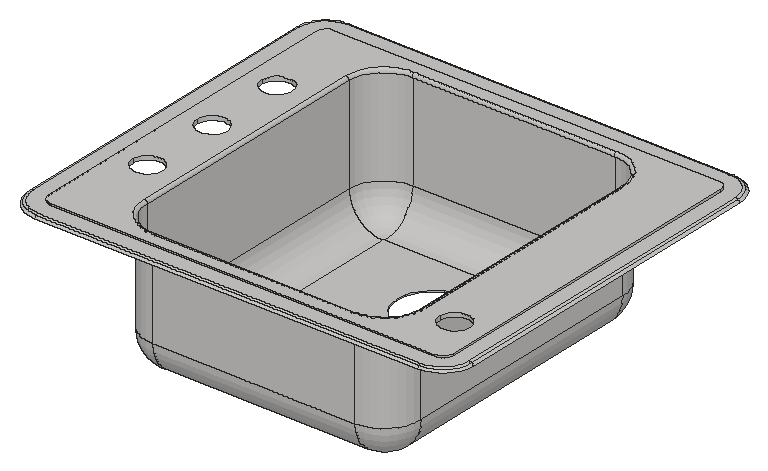
Revit family "Sink-Topmount-Acorn-CDADA-2220-45,55,65_Series", category Plumbing Fixtures, host Face, Revit 2019
Family settings
  Host = Face
  Round Connector Dimension = Use Diameter
  Part Type = Normal
  OmniClass Number = 23.45.05.14.14
  OmniClass Title = Sinks/Lavatories
  Cut with Voids When Loaded = No
  Shared = Yes
  Room Calculation Point = No
Parameters (values of type "CDADA-2220-65-4DR")
  Width = 22"  # constant formula
  Waste Connection = no
  WFU = 4  # constant formula
  Vent Connection = no
  URL = "https://www.acorneng.com/home"
  Type Comments = ""
  Slotted Hole Right Depth = 2"
  Slotted Hole Left Depth = 1"
  Revised Date = "11/21/2024"  # constant formula
  Bottom Faucet Hole Distance = 4"
  Right Bottom Faucet Hole Depth = 1"
  Product Page URL = "https://www.acorneng.com/acorn-sinks-ada-classroom-drop-in-cdada-2220"
  Product Documentation Link = "https://www.acorneng.com/uploads/fileLibrary/CDADA-2220_pkt.pdf"
  Model = "CDADA-2220-65-4DR"
  Material = "Stainless Steel-Acorn-Satin"  # constant formula
  Manufacturer = "Acorn"
  Length = 19 1/2"  # constant formula
  Top Faucet Hole Distance = 4"
  Right Top Faucet Hole Depth = 1"
  Left Top Faucet Hole Depth = 2"
  Left Central Faucet Hole Depth = 2"
  Left Bottom Faucet Hole Depth = 2"
  Installation Type = "Wall Mounted"
  Height = 6 1/2"
  HWFU = 3  # constant formula
  HW Connection = no
  Finish = Stainless Steel-Acorn-Satin
  Drain Opening Size = 3 1/2"  # constant formula
  Description = "Stainless Steel Drop In Sink"
  Default Elevation = 34"
  Creation Date = "23/12/2023"  # constant formula
  Compliance Certifications = "ASME A112.19.3/CSA B45.4, IAPMO® Certified"
  Right Central Faucet Hole Depth = 1"
  CWFU = 3  # constant formula
  CW Connection = no
  Bowl Width = 13 1/2"  # constant formula
  Bowl Length = 16"  # constant formula
  Assembly Code = "D2010440"
  ADA Compliant = yes
  -4DR 3 Holes on 4 Centers w/ Slotted Hole Right = yes
  -4DL 3 Holes on 4 Centers w/ Slotted Hole Left = no
  -2DR Single Hole Centered w/ Slotted Hole Right = no
  -2DL Single Hole Centered w/ Slotted Hole Left = no
  -1 Single Hole Centered = no
  -0 Blank, No Deck Punching = no
Types (19): name | Slotted Hole Right Depth | Slotted Hole Left Depth | Right Bottom Faucet Hole Depth | Model | Right Top Faucet Hole Depth | Left Top Faucet Hole Depth | Left Central Faucet Hole Depth | Left Bottom Faucet Hole Depth | Height | Right Central Faucet Hole Depth | -4DR 3 Holes on 4 Centers w/ Slotted Hole Right | -4DL 3 Holes on 4 Centers w/ Slotted Hole Left | -2DR Single Hole Centered w/ Slotted Hole Right | -2DL Single Hole Centered w/ Slotted Hole Left | -1 Single Hole Centered | -0 Blank, No Deck Punching
  (no name) | 2" | 1" | 1" | "CDADA-2220-65-4DR" | 1" | 2" | 2" | 2" | 6 1/2" | 1" | yes | no | no | no | no | no
  CDADA-2220-55-0 | 1" | 1" | 1" | "CDADA-2220-55-0" | 1" | 1" | 1" | 1" | 5 1/2" | 1" | no | no | no | no | no | yes
  CDADA-2220-55-1 | 1" | 1" | 1" | "CDADA-2220-55-1" | 1" | 1" | 2" | 1" | 5 1/2" | 1" | no | no | no | no | yes | no
  CDADA-2220-55-2DL | 1" | 2" | 1" | "CDADA-2220-55-2DL" | 1" | 1" | 1" | 1" | 5 1/2" | 2" | no | no | no | yes | no | no
  CDADA-2220-55-2DR | 2" | 1" | 1" | "CDADA-2220-55-2DR" | 1" | 1" | 2" | 1" | 5 1/2" | 1" | no | no | yes | no | no | no
  CDADA-2220-55-4DL | 1" | 2" | 2" | "CDADA-2220-55-4DL" | 2" | 1" | 1" | 1" | 5 1/2" | 2" | no | yes | no | no | no | no
  CDADA-2220-55-4DR | 2" | 1" | 1" | "CDADA-2220-55-4DR" | 1" | 2" | 2" | 2" | 5 1/2" | 1" | yes | no | no | no | no | no
  CDADA-2220-45-0 | 1" | 1" | 1" | "CDADA-2220-45-0" | 1" | 1" | 1" | 1" | 4 1/2" | 1" | no | no | no | no | no | yes
  CDADA-2220-45-1 | 1" | 1" | 1" | "CDADA-2220-45-1" | 1" | 1" | 2" | 1" | 4 1/2" | 1" | no | no | no | no | yes | no
  CDADA-2220-45-2DL | 1" | 2" | 1" | "CDADA-2220-45-2DL" | 1" | 1" | 1" | 1" | 4 1/2" | 2" | no | no | no | yes | no | no
  CDADA-2220-45-2DR | 2" | 1" | 1" | "CDADA-2220-45-2DR" | 1" | 1" | 2" | 1" | 4 1/2" | 1" | no | no | yes | no | no | no
  CDADA-2220-45-4DL | 1" | 2" | 2" | "CDADA-2220-45-4DL" | 2" | 1" | 1" | 1" | 4 1/2" | 2" | no | yes | no | no | no | no
  CDADA-2220-45-4DR | 2" | 1" | 1" | "CDADA-2220-45-4DR" | 1" | 2" | 2" | 2" | 4 1/2" | 1" | yes | no | no | no | no | no
  CDADA-2220-65-0 | 1" | 1" | 1" | "CDADA-2220-65-0" | 1" | 1" | 1" | 1" | 6 1/2" | 1" | no | no | no | no | no | yes
  CDADA-2220-65-1 | 1" | 1" | 1" | "CDADA-2220-65-1" | 1" | 1" | 2" | 1" | 6 1/2" | 1" | no | no | no | no | yes | no
  CDADA-2220-65-2DL | 1" | 2" | 1" | "CDADA-2220-65-2DL" | 1" | 1" | 1" | 1" | 6 1/2" | 2" | no | no | no | yes | no | no
  CDADA-2220-65-2DR | 2" | 1" | 1" | "CDADA-2220-65-2DR" | 1" | 1" | 2" | 1" | 6 1/2" | 1" | no | no | yes | no | no | no
  CDADA-2220-65-4DL | 1" | 2" | 2" | "CDADA-2220-65-4DL" | 2" | 1" | 1" | 1" | 6 1/2" | 2" | no | yes | no | no | no | no
  CDADA-2220-65-4DR | 2" | 1" | 1" | "CDADA-2220-65-4DR" | 1" | 2" | 2" | 2" | 6 1/2" | 1" | yes | no | no | no | no | no
Reference planes (in)
  plane 1 "Center (Front/Back)": y = 0
  plane 2: z = 0
  plane 3 "Center (Left/Right)": x = 0
  plane 4: z = -6.5
  plane 5: z = 2
  plane 6: z = 1
  plane 7: z = 1
  plane 8: z = 1
  plane 9: x = -11
  plane 10: x = 11
  plane 11: y = -19.5
  plane 12: y = -9.75
  plane 13: x = -6.75
  plane 14: x = 6.75
  plane 15: x = 8.5
  plane 16: y = -5.75
  plane 17: y = -13.75
  plane 18: y = -17.75
  plane 19: y = -1.75
  plane 20: x = -8.5
  plane 21: y = -16
  plane 22: z = 1
  plane 23: z = 1
  plane 24: z = 1
  plane 25: z = 0
  plane 26: z = 0
  plane 27: z = 0
  plane 28: z = 1
  plane 29: z = 0
  plane 30: y = -6.75008
  plane 31: z = -6.4375
Forms (in)
  Extrusion 1, solid, material "Stainless Steel-Acorn-Satin" <- "Finish"
    sketch origin (-18.57594, 1.04906, -0.59717) x (1, 0, 0) y (0, 1, 0)
      loop
        circle (18.57594, -7.79914) r 1.75
      loop
        arc (23.63836, -4.54906) -> (23.62008, -4.50492) -> (23.57594, -4.48664) r 0.06242
        line (23.57594, -4.48664) -> (13.57594, -4.48664)
        arc (13.57594, -4.48664) -> (13.53181, -4.50492) -> (13.51353, -4.54906) r 0.06242
        line (13.51353, -4.54906) -> (13.51353, -17.02449)
        arc (13.51353, -17.02449) -> (13.53181, -17.06862) -> (13.57594, -17.08691) r 0.06242
        line (13.57594, -17.08691) -> (23.57594, -17.08691)
        arc (23.57594, -17.08691) -> (23.62008, -17.06862) -> (23.63836, -17.02449) r 0.06242
        line (23.63836, -17.02449) -> (23.63836, -4.54906)
    from -5.90283 to -5.84033
  Sweep 2, solid, material "Stainless Steel-Acorn-Satin" <- "Finish"
    path origin (0, 0.25, 0) x (1, 0, 0) y (0, 1, 0)
      loop
        line (-6.75, -3.75) -> (-6.75, -16.22543)
        arc (-6.75, -16.22543) -> (-6.23744, -17.46287) -> (-5, -17.97543) r 1.75
        line (-5, -17.97543) -> (5, -17.97543)
        arc (5, -17.97543) -> (6.23744, -17.46287) -> (6.75, -16.22543) r 1.75
        line (6.75, -16.22543) -> (6.75, -3.75)
        arc (6.75, -3.75) -> (6.23744, -2.51256) -> (5, -2) r 1.75
        line (5, -2) -> (-5, -2)
        arc (-5, -2) -> (-6.23744, -2.51256) -> (-6.75, -3.75) r 1.75
    profile origin (-6.75, -9.73772, 0) x (1, 0, 0) y (0, 0, 1)
      loop
        line (-0.15271, 0.19073) -> (-0.21339, 0.19073) -> (-0.21339, 0.09375) -> (-0.11121, 0.09375)
        arc (-0.11121, 0.09375) -> (-0.07671, 0.07946) -> (-0.06242, 0.04495) r 0.0488
        line (-0.06242, 0.04495) -> (-0.06242, -4.75)
        arc (-0.06242, -4.75) -> (0.45015, -5.98744) -> (1.68758, -6.5) r 1.75
        line (1.68758, -6.5) -> (1.68758, -6.4375)
        arc (1.68758, -6.4375) -> (0.49434, -5.94324) -> (0.00008, -4.75) r 1.6875
        line (0.00008, -4.75) -> (0.00008, 0.03794)
        arc (0.00008, 0.03794) -> (-0.04467, 0.14598) -> (-0.15271, 0.19073) r 0.15279
  Extrusion 3, solid, material "Stainless Steel-Acorn-Satin" <- "Finish"
    sketch origin (0, 0.25, 0) x (1, 0, 0) y (0, 1, 0)
      loop
        arc (-9.5, -1.21613) -> (-9.86013, -1.3653) -> (-10.0093, -1.72543) r 0.5093
        line (-10.0093, -1.72543) -> (-10.0093, -18.22543)
        arc (-10.0093, -18.22543) -> (-9.86013, -18.58556) -> (-9.5, -18.73473) r 0.5093
        line (-9.5, -18.73473) -> (9.5, -18.73473)
        arc (9.5, -18.73473) -> (9.86013, -18.58556) -> (10.0093, -18.22543) r 0.5093
        line (10.0093, -18.22543) -> (10.0093, -1.72543)
        arc (10.0093, -1.72543) -> (9.86013, -1.3653) -> (9.5, -1.21613) r 0.5093
        line (9.5, -1.21613) -> (-9.5, -1.21613)
      loop
        arc (-5, -1.78661) -> (-6.38833, -2.36167) -> (-6.96339, -3.75) r 1.96339
        line (-6.96339, -3.75) -> (-6.96339, -16.22543)
        arc (-6.96339, -16.22543) -> (-6.38833, -17.61376) -> (-5, -18.18882) r 1.96339
        line (-5, -18.18882) -> (5, -18.18882)
        arc (5, -18.18882) -> (6.38833, -17.61376) -> (6.96339, -16.22543) r 1.96339
        line (6.96339, -16.22543) -> (6.96339, -3.75)
        arc (6.96339, -3.75) -> (6.38833, -2.36167) -> (5, -1.78661) r 1.96339
        line (5, -1.78661) -> (-5, -1.78661)
    from 0 to 0.19111
  Extrusion 4, void
    sketch origin (0, 0, 0) x (1, 0, 0) y (0, 1, 0)
      loop
        line (-11, -1.5) -> (-11, -17.97543)
        arc (-11, -17.97543) -> (-10.55346, -19.05346) -> (-9.47543, -19.5) r 1.52457
        line (-9.47543, -19.5) -> (9.47543, -19.5)
        arc (9.47543, -19.5) -> (10.55346, -19.05346) -> (11, -17.97543) r 1.52457
        line (11, -17.97543) -> (11, -1.47543)
        arc (11, -1.47543) -> (10.56786, -0.43214) -> (9.52457, 0) r 1.47543
        line (9.52457, 0) -> (-9.5, 0)
        arc (-9.5, 0) -> (-10.56066, -0.43934) -> (-11, -1.5) r 1.5
    from -21.11575 to 12
  Sweep 5, solid, material "Stainless Steel-Acorn-Satin" <- "Finish"
    path origin (0, 0, 0) x (1, 0, 0) y (0, 1, 0)
      loop
        arc (-9.52457, 0) -> (-10.56786, -0.43214) -> (-11, -1.47543) r 1.47543
        line (-11, -1.47543) -> (-11, -17.97543)
        arc (-11, -17.97543) -> (-10.55346, -19.05346) -> (-9.47543, -19.5) r 1.52457
        line (-9.47543, -19.5) -> (9.47543, -19.5)
        arc (9.47543, -19.5) -> (10.55346, -19.05346) -> (11, -17.97543) r 1.52457
        line (11, -17.97543) -> (11, -1.5)
        arc (11, -1.5) -> (10.56066, -0.43934) -> (9.5, 0) r 1.5
        line (9.5, 0) -> (-9.52457, 0)
    profile origin (-0.01228, 0, 0) x (0, 1, 0) y (0, 0, 1)
      loop
        line (0.00343, 0) -> (-0.1037, 0.08676)
        arc (-0.1037, 0.08676) -> (-0.15899, 0.11772) -> (-0.22144, 0.12845) r 0.18708
        line (-0.22144, 0.12845) -> (-0.9907, 0.12845) -> (-0.9907, 0) -> (0.00343, 0)
  Extrusion 6, void
    sketch origin (0, 0, 0) x (1, 0, 0) y (0, 1, 0)
      loop
        circle (-8.5, -16) r 0.75
    from 1 to 2
  Extrusion 7, void
    sketch origin (0, 0, 0) x (1, 0, 0) y (0, 1, 0)
      loop
        circle (8.5, -5.75) r 0.75
    from 1 to 2
  Extrusion 8, void
    sketch origin (0, -2, 0) x (1, 0, 0) y (0, 1, 0)
      loop
        circle (8.5, -7.75) r 0.75
    from 1 to 2
  Extrusion 9, void
    sketch origin (0, -4, 0) x (1, 0, 0) y (0, 1, 0)
      loop
        circle (8.5, -9.75) r 0.75
    from 1 to 2
  Extrusion 10, void
    sketch origin (-17, 0, 0) x (1, 0, 0) y (0, 1, 0)
      loop
        circle (8.5, -5.75) r 0.75
    from 0 to 2
  Extrusion 11, void
    sketch origin (-17, -2, 0) x (1, 0, 0) y (0, 1, 0)
      loop
        circle (8.5, -7.75) r 0.75
    from 0 to 2
  Extrusion 12, void
    sketch origin (-17, -4, 0) x (1, 0, 0) y (0, 1, 0)
      loop
        circle (8.5, -9.75) r 0.75
    from 0 to 2
  Extrusion 13, void
    sketch origin (0, 0, 0) x (-1, 0, 0) y (0, -1, 0)
      loop
        circle (-8.5, 16) r 0.75
    from 0 to 2
Cuts and joins
  Extrusion 6 cuts Sweep 5
  Extrusion 6, Extrusion 7, Extrusion 10, Extrusion 11, Extrusion 12, Extrusion 13 cuts Extrusion 1
  Extrusion 6, Extrusion 7, Extrusion 8, Extrusion 10, Extrusion 11, Extrusion 12, Extrusion 13 cuts Sweep 2
  Extrusion 6, Extrusion 7, Extrusion 8, Extrusion 9, Extrusion 10, Extrusion 11, Extrusion 12, Extrusion 13 cuts Extrusion 3
  joined: Extrusion 1, Sweep 2, Extrusion 3
Dimensions and locks (in)
  host face to plane 4 = 6 1/2"
  "Right Top Faucet Hole Depth": plane 5 to plane 6
  "Right Bottom Faucet Hole Depth": plane 5 to plane 8
  "Right Central Faucet Hole Depth": plane 5 to plane 7
  "Length": plane 11 to plane 1 "Center (Front/Back)"
  "Width": plane 9 to plane 10
  plane 13 to plane 3 "Center (Left/Right)" = 6 3/4"
  "Bowl Width": plane 13 to plane 14
  plane 14 to plane 15 = 1 3/4"
  "Top Faucet Hole Distance": plane 16 to plane 12
  "Bottom Faucet Hole Distance": plane 12 to plane 17
  locked: plane 18 to plane 11 at 1.75
  "Bowl Length": plane 19 to plane 18
  plane 20 to plane 13 = 1 3/4"  (x2)
  plane 21 to plane 18 = 1 3/4"
  plane 9 to plane 13 = 4 1/4"
  "Right Top Faucet Hole Depth": plane 5 to plane 22
  "Right Central Faucet Hole Depth": plane 5 to plane 23
  "Right Bottom Faucet Hole Depth": plane 5 to plane 24
  "Left Top Faucet Hole Depth": plane 5 to plane 25
  "Left Central Faucet Hole Depth": plane 5 to plane 26
  "Left Bottom Faucet Hole Depth": plane 5 to plane 27
  "Slotted Hole Right Depth": plane 5 to plane 29
  "Slotted Hole Left Depth": plane 5 to plane 28
  plane 19 to plane 30 = 5.00008"
  plane 30 to plane 12 = 2.99992"
  "Height": level to Sweep 2 sketch curve
  locked: Sweep 2 sketch curve to Sweep 2 sketch curve at 0.0625
  "Height": level to plane 4
  locked: plane 31 to plane 4 at 0.0625
  aligned and locked: host face to plane 2
  aligned and locked: host face to level
  aligned and locked: plane 20 to Extrusion 6 sketch curve
  aligned and locked: plane 21 to Extrusion 6 sketch curve
  aligned and locked: Sweep 2 sketch curve to plane 19
  aligned and locked: plane 15 to Extrusion 7 sketch curve
  aligned and locked: plane 16 to Extrusion 7 sketch curve
  aligned and locked: plane 5 to Extrusion 7
  aligned and locked: Extrusion 7 to plane 22
  aligned and locked: plane 12 to Extrusion 8 sketch curve
  aligned and locked: plane 15 to Extrusion 8 sketch curve
  aligned and locked: plane 17 to Extrusion 9 sketch curve
  aligned and locked: plane 15 to Extrusion 9 sketch curve
  aligned and locked: plane 23 to Extrusion 8
  aligned and locked: Extrusion 9 to plane 24
  aligned and locked: plane 5 to Extrusion 9
  aligned and locked: plane 5 to Extrusion 8
  aligned and locked: plane 15 to Extrusion 13 sketch curve
  aligned and locked: plane 21 to Extrusion 13 sketch curve
  aligned and locked: plane 5 to Extrusion 10
  aligned and locked: plane 5 to Extrusion 11
  aligned and locked: plane 5 to Extrusion 12
  aligned and locked: plane 5 to Extrusion 13
  aligned and locked: plane 5 to Extrusion 6
  aligned and locked: Extrusion 10 to plane 25
  aligned and locked: Extrusion 11 to plane 26
  aligned and locked: Extrusion 12 to plane 27
  aligned and locked: Extrusion 6 to plane 28
  aligned and locked: Extrusion 13 to plane 29
  aligned and locked: plane 16 to Extrusion 10 sketch curve
  aligned and locked: plane 20 to Extrusion 10 sketch curve
  aligned and locked: plane 12 to Extrusion 11 sketch curve
  aligned and locked: plane 20 to Extrusion 11 sketch curve
  aligned and locked: plane 17 to Extrusion 12 sketch curve
  aligned and locked: plane 20 to Extrusion 12 sketch curve
  aligned and locked: plane 30 to Extrusion 1 sketch curve
  aligned and locked: cut or joined group 1 (Extrusion 1, Sweep 2, Extrusion 3, Extrusion 6, Extrusion 7, Extrusion 8, Extrusion 9, Extrusion 10, Extrusion 11, Extrusion 12, Extrusion 13) to plane 31
  aligned and locked: cut or joined group 1 to plane 4
Automatic sketch dimensions
  host sketch curve to host sketch curve = 161.60125"
  host sketch curve to host sketch curve = 96"
  Extrusion 1 sketch curve to plane 3 "Center (Left/Right)" = 0"
  plane 13 to Extrusion 1 sketch curve = 1 3/4"  (x2)
  plane 21 to Extrusion 1 sketch curve = 0.02457"  (x2)
  Extrusion 1 sketch curve to Extrusion 1 sketch curve = 0.06242"
  plane 14 to Extrusion 1 sketch curve = 1 3/4"  (x2)
  Extrusion 1 sketch curve to plane 19 = 1 3/4"
  Sweep 2 sketch curve to plane 13 = 0"
  Sweep 2 sketch curve to plane 14 = 0"
  plane 21 to Sweep 2 sketch curve = 0.02457"
  Sweep 2 sketch curve to Sweep 2 sketch curve = 1 3/4"
  plane 13 to Sweep 2 sketch curve = 1 3/4"
  plane 14 to Sweep 2 sketch curve = 1 3/4"  (x2)
  Sweep 2 sketch curve to Sweep 2 sketch curve = 0"
  profile plane to Sweep 2 sketch curve = 0.21339"
  Sweep 2 sketch curve to Sweep 2 sketch curve = 0.06068"
  Sweep 2 sketch curve to Sweep 2 sketch curve = 0.0415"
  Sweep 2 sketch curve to profile plane = 0.00008"
  Sweep 2 sketch curve to Sweep 2 sketch curve = 1 11/16"
  profile plane to Sweep 2 sketch curve = 0.03794"
  Sweep 2 sketch curve to Sweep 2 sketch curve = 0.00701"
  plane 19 to Extrusion 3 sketch curve = 0.27457"  (x2)
  plane 9 to Extrusion 3 sketch curve = 0.9907"
  Extrusion 3 sketch curve to Extrusion 3 sketch curve = 0.5093"  (x2)
  Extrusion 3 sketch curve to plane 18 = 0.22543"  (x2)
  Extrusion 3 sketch curve to plane 13 = 0.21339"
  plane 21 to Extrusion 3 sketch curve = 0.02457"  (x2)
  plane 13 to Extrusion 3 sketch curve = 1 3/4"  (x2)
  plane 19 to Extrusion 3 sketch curve = 0.21339"
  plane 14 to Extrusion 3 sketch curve = 1 3/4"  (x2)
  plane 15 to Extrusion 3 sketch curve = 1"
  Extrusion 4 sketch curve to plane 9 = 0"
  plane 1 "Center (Front/Back)" to Extrusion 4 sketch curve = 0"
  Extrusion 4 sketch curve to plane 11 = 0"
  Extrusion 4 sketch curve to plane 10 = 0"
  plane 20 to Extrusion 4 sketch curve = 1"
  Extrusion 4 sketch curve to plane 18 = 0.22543"
  plane 15 to Extrusion 4 sketch curve = 0.97543"
  plane 19 to Extrusion 4 sketch curve = 0.27457"
  Sweep 5 sketch curve to plane 9 = 0"
  plane 1 "Center (Front/Back)" to Sweep 5 sketch curve = 0"
  Sweep 5 sketch curve to plane 11 = 0"
  Sweep 5 sketch curve to plane 10 = 0"
  plane 19 to Sweep 5 sketch curve = 0.27457"
  plane 20 to Sweep 5 sketch curve = 0.97543"
  Sweep 5 sketch curve to plane 18 = 0.22543"
  plane 19 to Sweep 5 sketch curve = 1/4"
  Sweep 5 sketch curve to level = 0"
  profile plane to Sweep 5 sketch curve = 0.9907"
  level to Sweep 5 sketch curve = 0.12845"
  profile plane to Sweep 5 sketch curve = 0.22144"
  level to Sweep 5 sketch curve = 0.08676"
  profile plane to Sweep 5 sketch curve = 0.1037"
  Sweep 5 sketch curve to profile plane = 0.00343"
  radius of Extrusion 1 sketch curve = 1 3/4"
  radius of Extrusion 6 sketch curve = 3/4"
  radius of Extrusion 7 sketch curve = 3/4"
  radius of Extrusion 8 sketch curve = 3/4"
  radius of Extrusion 9 sketch curve = 3/4"
  radius of Extrusion 10 sketch curve = 3/4"
  radius of Extrusion 11 sketch curve = 3/4"
  radius of Extrusion 12 sketch curve = 3/4"
  radius of Extrusion 13 sketch curve = 3/4"
